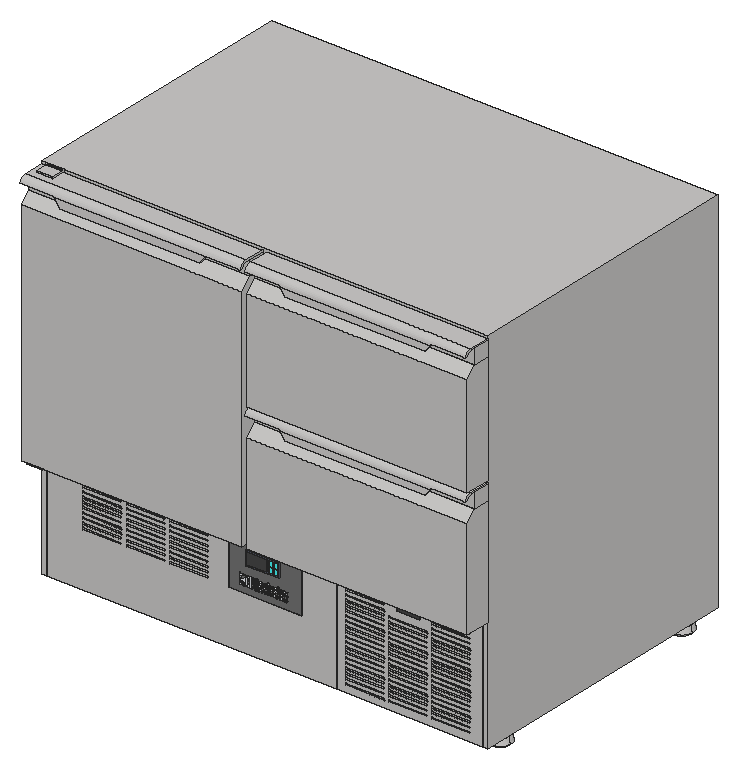
Revit family "QF_ELECTROLUXPROFESSIONAL_725105_SAL25N12", category Attrezzature speciali, Revit 2021 (continued)
Definition of nested family "HORIZREF_HALF"
  Automatic sketch dimensions
    curve 6 to plane 5 "Right" = 0 mm
    level to curve 9 = 239 mm
    curve 8 to curve 10 = 55 mm
    curve 7 to curve 3 = 160 mm
    curve 4 to curve 6 = 50.219 mm
    plane 4 "Left" to curve 12 = 71 mm
    curve 12 to curve 2 = 0 mm
    curve 11 to plane 5 "Right" = 71 mm
    curve 1 to plane 5 "Right" = 71 mm
    level to curve 2 = 88 mm
    level to curve 1 = 88 mm
Definition of nested family "HORIZREF_SD_L"
  Parameters
    Show Clearance [instance] = yes
    Default Elevation = 1219.2 mm
  Reference planes
    plane 1 "Centro (Fronte/Retro)": y = 0
    plane 2: z = 0
    plane 3 "Centro (Sinistra/Destra)": x = 0
    plane 4 "Left": x = -235
    plane 5 "Right": x = 235
    plane 6: y = -271.5
    plane 7: y = 271.5
  Forms (mm)
    Extrusion 1, solid
      sketch origin (0, 0, 0) x (1, 0, 0) y (0, 1, 0)
        loop
          line (-1219.2, 1219.2) -> (-1219.2, -1219.2) -> (1219.2, -1219.2) -> (1219.2, 1219.2) -> (-1219.2, 1219.2)
      from 0 to -304.8
    Extrusion 2, solid
      sketch origin (0, -42.5, -3) x (0, 1, 0) y (0, 0, 1)
        loop
          line (-229, 58) -> (-229, 3) -> (279.183, 3) -> (279.183, 37.596) -> (258.779, 58) -> (-229, 58)
      from -235 to 235
    Extrusion 3, solid
      sketch origin (0, -42.5, 0) x (0, 1, 0) y (0, 0, 1)
        loop
          line (314, 0) -> (314, 44.493)
          arc (314, 44.493) -> (310.059, 54.627) -> (300.307, 59.436) r 15
          line (300.307, 59.436) -> (285.612, 60.721) -> (285.351, 57.733) -> (300.046, 56.447)
          arc (300.046, 56.447) -> (307.847, 52.6) -> (311, 44.493) r 12
          line (311, 44.493) -> (311, 0) -> (314, 0)
      from -235 to 235
    Extrusion 4, void
      sketch origin (0, -42.5, 0) x (1, 0, 0) y (0, 1, 0)
        loop
          line (-235, 285.351) -> (-147.017, 285.351)
          arc (-147.017, 285.351) -> (-148.802, 285.771) -> (-150.212, 286.944) r 4
          line (-150.212, 286.944) -> (-160.798, 300.992)
          arc (-160.798, 300.992) -> (-162.208, 302.165) -> (-163.992, 302.585) r 4
          line (-163.992, 302.585) -> (-235, 302.585) -> (-235, 285.351)
        loop
          line (235, 285.351) -> (235, 302.585) -> (163.992, 302.585)
          arc (163.992, 302.585) -> (162.208, 302.165) -> (160.798, 300.992) r 4
          line (160.798, 300.992) -> (150.212, 286.944)
          arc (150.212, 286.944) -> (148.802, 285.771) -> (147.017, 285.351) r 4
          line (147.017, 285.351) -> (235, 285.351)
      from 29.294 to 84.515
    Extrusion 5, solid, visible <- "Show Clearance", detail levels coarse
      sketch origin (0, -42.5, 5) x (-1, 0, 0) y (0, 0, -1)
        loop
          line (230, -499) -> (230, -55) -> (180, -55) -> (180, -499) -> (230, -499)
      from -314 to 229
    Extrusion 6, solid
      sketch origin (-235, 0, 0) x (0, 1, 0) y (0, 0, 1)
        loop
          line (-271.5, 0) -> (-271.5, 55) -> (-274, 55) -> (-274, 0) -> (-271.5, 0)
        loop
          line (271.5, 27.948) -> (271.5, 2.948) -> (271.5, 0) -> (276.503, 0) -> (276.503, 2.5) -> (274, 2.5) -> (274, 27.948) -> (271.5, 27.948)
      from 10 to 45
    Extrusion 7, solid
      sketch origin (0, -42.5, -3) x (0, 1, 0) y (0, 0, 1)
        loop
          line (279.183, 37.596) -> (279.183, 3) -> (311, 3) -> (311, 37.596) -> (279.183, 37.596)
      from -235 to 235
    Extrusion 8, solid, detail levels coarse
      sketch origin (0, 0, 5) x (1, 0, 0) y (0, 0, 1)
        loop
          line (-180, 499) -> (-180, 55) -> (235, 55)
          arc (235, 55) -> (117.187, 360.829) -> (-180, 499) r 437.47
      from -271.5 to 271.5
  Cuts and joins
    Extrusion 4 cuts Extrusion 3
  Lines and regions (mm)
    symbolic lines
      curve 1: line (-180, 0, 88) -> (-180, 0, 504)
      curve 2: line (-180, 0, 504) -> (-230, 0, 504)
      curve 3: line (-230, 0, 504) -> (-230, 0, 88)
      curve 4: arc (-180, 0, 504) -> (107.438, 0, 376.415) -> (232.8, 0, 88) r 433.138
  Dimensions and locks
    plane 4 "Left" to plane 3 "Centro (Sinistra/Destra)" to plane 5 "Right" = 235 mm, 235 mm
    equal spacing: plane 7, plane 1 "Centro (Fronte/Retro)", plane 6
    plane 7 to plane 6 = 543 mm
    aligned and locked: plane 2 to Extrusion 1
    aligned and locked: level to Extrusion 1
  Automatic sketch dimensions
    Extrusion 1 sketch curve to Extrusion 1 sketch curve = 2438.4 mm  (x2)
    Extrusion 2 sketch curve to plane 6 = 0 mm
    Extrusion 2 sketch curve to level = 0 mm
    Extrusion 2 sketch curve to plane 7 = 55.221 mm
    Extrusion 2 sketch curve to Extrusion 2 sketch curve = 20.404 mm  (x2)
    level to Extrusion 2 sketch curve = 34.596 mm
    Extrusion 3 sketch curve to Extrusion 3 sketch curve = 0 mm  (x2)
    Extrusion 3 sketch curve to level = 0 mm
    Extrusion 3 sketch curve to plane 7 = 0 mm
    Extrusion 3 sketch curve to Extrusion 3 sketch curve = 3 mm
    Extrusion 3 sketch curve to plane 7 = 13.693 mm
    Extrusion 3 sketch curve to Extrusion 3 sketch curve = 0.261 mm  (x2)
    Extrusion 3 sketch curve to Extrusion 3 sketch curve = 1.046 mm
    Extrusion 3 sketch curve to Extrusion 3 sketch curve = 14.695 mm
    level to Extrusion 3 sketch curve = 44.493 mm
    Extrusion 7 sketch curve to level = 0 mm
    Extrusion 7 sketch curve to plane 7 = 3 mm
    level to Extrusion 7 sketch curve = 34.596 mm
    Extrusion 7 sketch curve to Extrusion 7 sketch curve = 31.817 mm
    Extrusion 4 sketch curve to plane 4 "Left" = 0 mm
    Extrusion 4 sketch curve to plane 5 "Right" = 0 mm
    Extrusion 4 sketch curve to plane 7 = 11.415 mm
    Extrusion 4 sketch curve to Extrusion 4 sketch curve = 71.008 mm
    Extrusion 4 sketch curve to plane 7 = 13.008 mm  (x2)
    Extrusion 4 sketch curve to Extrusion 4 sketch curve = 3.195 mm  (x4)
    Extrusion 4 sketch curve to plane 7 = 27.056 mm  (x2)
    Extrusion 4 sketch curve to Extrusion 4 sketch curve = 10.586 mm  (x2)
    Extrusion 4 sketch curve to Extrusion 4 sketch curve = 0 mm  (x2)
    Extrusion 4 sketch curve to plane 7 = 24.649 mm
    Extrusion 4 sketch curve to plane 5 "Right" = 87.983 mm
    Extrusion 4 sketch curve to Extrusion 4 sketch curve = 17.234 mm
    Extrusion 4 sketch curve to Extrusion 4 sketch curve = 2.407 mm
    plane 4 "Left" to Extrusion 5 sketch curve = 55 mm
    plane 4 "Left" to Extrusion 5 sketch curve = 5 mm
    level to Extrusion 5 sketch curve = 504 mm
    level to Extrusion 5 sketch curve = 60 mm
    Extrusion 6 sketch curve to level = 0 mm  (x2)
    Extrusion 6 sketch curve to plane 6 = 0 mm
    Extrusion 6 sketch curve to plane 6 = 2.5 mm
    plane 7 to Extrusion 6 sketch curve = 0 mm
    Extrusion 6 sketch curve to Extrusion 6 sketch curve = 2.5 mm
    Extrusion 6 sketch curve to Extrusion 6 sketch curve = 2.503 mm
    level to Extrusion 6 sketch curve = 2.5 mm
    Extrusion 6 sketch curve to Extrusion 6 sketch curve = 0.448 mm
    Extrusion 6 sketch curve to Extrusion 6 sketch curve = 25 mm
    Extrusion 6 sketch curve to Extrusion 6 sketch curve = 55 mm
    Extrusion 8 sketch curve to plane 5 "Right" = 0 mm
    plane 4 "Left" to Extrusion 8 sketch curve = 55 mm
    Extrusion 8 sketch curve to Extrusion 8 sketch curve = 22.413 mm
    level to Extrusion 8 sketch curve = 60 mm
    Extrusion 8 sketch curve to Extrusion 8 sketch curve = 7.104 mm
    plane 4 "Left" to curve 2 = 5 mm
    curve 3 to curve 4 = 29.982 mm
    curve 2 to curve 1 = 50 mm
    level to curve 4 = 71.324 mm
    curve 4 to curve 1 = 16.676 mm
    curve 4 to curve 3 = 16.676 mm
    curve 1 to curve 2 = 416 mm
    curve 4 to plane 5 "Right" = 2.2 mm
Definition of nested family "Refrigerator"
  Reference planes
    plane 1 "Center (Front/Back)": y = 0
    plane 2: z = 0
    plane 3 "Center (Left/Right)": x = 0
  Lines and regions (mm)
    detail lines, in view "Ref. Level"
      curve 1: spline (-500, 190, 0) -> (-493.185, 166.706, 0) -> (-473.205, 145, 0) -> (-441.421, 126.36, 0) -> (-400, 112.058, 0) -> (-351.764, 103.067, 0) -> (-300, 100, 0) -> (-248.236, 103.067, 0) -> (-200, 112.058, 0) -> (-158.579, 126.36, 0) -> (-126.795, 145, 0) -> (-106.815, 166.706, 0) -> (-100, 190, 0) -> (-106.815, 213.294, 0) -> (-126.795, 235, 0) -> (-158.579, 253.64, 0) -> (-200, 267.942, 0) -> (-248.236, 276.933, 0) -> (-300, 280, 0) -> (-351.764, 276.933, 0) -> (-400, 267.942, 0) -> (-441.421, 253.64, 0) -> (-473.205, 235, 0) -> (-493.185, 213.294, 0) -> (-500, 190, 0)
      curve 2: line (-300, 130, 0) -> (-300, 250, 0)
      curve 3: line (-351.962, 220, 0) -> (-248.038, 160, 0)
      curve 4: line (-351.962, 160, 0) -> (-248.038, 220, 0)
      curve 5: line (-280.884, 246.873, 0) -> (-300, 225, 0)
      curve 6: line (-300, 225, 0) -> (-319.116, 246.873, 0)
      curve 7: line (-330.311, 207.5, 0) -> (-339.696, 234.992, 0)
      curve 8: line (-358.812, 201.882, 0) -> (-330.311, 207.5, 0)
      curve 9: line (-330.311, 172.5, 0) -> (-358.812, 178.118, 0)
      curve 10: line (-339.696, 145.008, 0) -> (-330.311, 172.5, 0)
      curve 11: line (-300, 155, 0) -> (-319.116, 133.127, 0)
      curve 12: line (-280.884, 133.127, 0) -> (-300, 155, 0)
      curve 13: line (-269.689, 172.5, 0) -> (-260.304, 145.008, 0)
      curve 14: line (-241.188, 178.118, 0) -> (-269.689, 172.5, 0)
      curve 15: line (-269.689, 207.5, 0) -> (-241.188, 201.882, 0)
      curve 16: line (-260.304, 234.992, 0) -> (-269.689, 207.5, 0)
